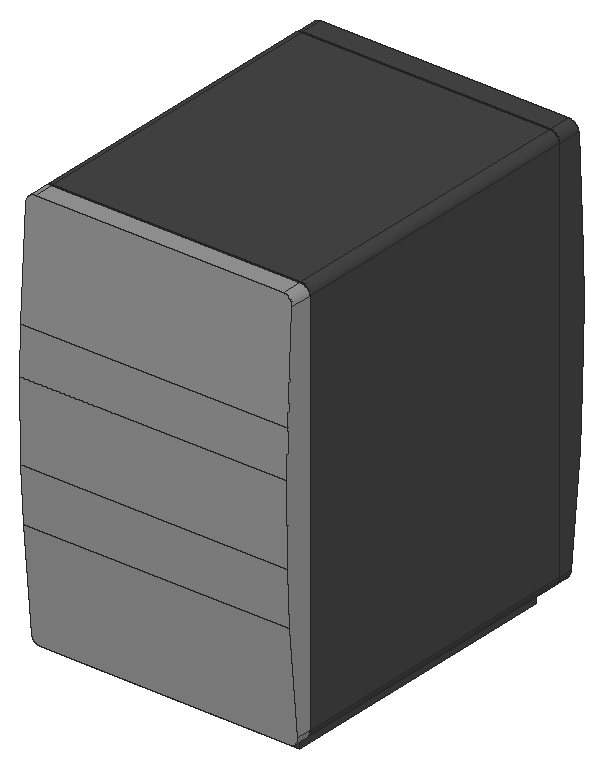
Revit family "Franke_Unterthekenkühleinheit_UT12_EC-A600_MS_EC_A600_FM_EC_A800_FM_EC", category Sonderausstattung, Revit 2015
Parameters (values of type "Unterthekenkühleinheit UT12 EC-A600 MS EC,A600 FM EC,A800 FM EC(230V/EU)")
  URL = "http://www.franke.com/main/de/cs/produkte/produktsuche/produktsuche.html#akCache=true&p=1&t=grid&f=cat14_3210"
  Tiefe = 475 mm
  Temperaturbereich = "+ 3° bis + 8°"
  Spannung = 230 V
  Sicherung = 10 A
  Netzfrequenz alternativ = 60 Hz
  Netzfrequenz = 50 Hz
  Modell = "410880 - Unterthekenkühleinheit UT12 EC - A600 MS EC, A600 FM EC, A800 FM EC"
  Milchvorrat = "12 l"
  Stromaufnahme = "0.72 A"
  Kosten = 0
  Höhe = 544 mm
  Hersteller = "Franke"
  Energieverlust nach DIN18873 = "0.783 kWh/24 h - 230 V"
  Breite = 340 mm
  Beschreibung = "Beistellgerät Unterthekenkühleinheit UT12 dient zum Aufbewahren von gekühlter Milch"
  Assembly Code = "Beistellgerät Unterthekenkühleinheit UT12"
  Keynote = "Beistellgerät Unterthekenkühleinheit UT12"
  Aufstellgewicht = "26 kg"
  Anzahl von Polen = 1
  Anzahl der Schutzleiter = "1"
  Anzahl der Nullleiter = "1"
Reference planes
  plane 1 "Mitte (Vorne/Hinten)": y = 0
  plane 2: z = 0
  plane 3 "Mitte (Links/Rechts)": x = 0
Forms (mm)
  Extrusion 1, solid, material "Franke Black"
    sketch origin (0, 0, -42) x (1, 0, 0) y (0, 0, 1)
      loop
        arc (-170, 78) -> (-166.485, 69.515) -> (-158, 66) r 12
        line (-158, 66) -> (158, 66)
        arc (158, 66) -> (166.485, 69.515) -> (170, 78) r 12
        line (170, 78) -> (170, 574)
        arc (170, 574) -> (166.485, 582.485) -> (158, 586) r 12
        line (158, 586) -> (-158, 586)
        arc (-158, 586) -> (-166.485, 582.485) -> (-170, 574) r 12
        line (-170, 574) -> (-170, 78)
    from -198.03 to 198.03
  Extrusion 2, solid, material "Franke Black"
    sketch origin (0, 0, -42) x (0, 1, 0) y (0, 0, 1)
      loop
        line (186.97, 66) -> (-188.03, 66) -> (-188.03, 46) -> (186.97, 46) -> (186.97, 66)
    from -149 to 149
  Extrusion 3, solid, material "Franke Black"
    sketch origin (0, 0, -42) x (1, 0, 0) y (0, 1, 0)
      loop
        line (-139, 119.911) -> (-139, 96.511) -> (-120.3, 96.511) -> (-120.3, 119.911) -> (-139, 119.911)
      loop
        line (120.3, 119.911) -> (120.3, 96.511) -> (139, 96.511) -> (139, 119.911) -> (120.3, 119.911)
      loop
        line (120.3, -95.689) -> (120.3, -119.089) -> (139, -119.089) -> (139, -95.689) -> (120.3, -95.689)
      loop
        line (-139, -95.689) -> (-139, -119.089) -> (-120.3, -119.089) -> (-120.3, -95.689) -> (-139, -95.689)
    from 42 to 46
  Extrusion 4, void
    sketch origin (0, 0, -42) x (1, 0, 0) y (0, 1, 0)
      loop
        circle (-127.5, 166.47) r 16
      loop
        circle (-127.5, -166.13) r 16
      loop
        circle (127.5, 166.47) r 16
      loop
        circle (127.5, -166.13) r 16
    from 16.904 to 51
  Extrusion 5, solid, material "Franke Anthrazit"
    sketch origin (0, 0, -42) x (0, 1, 0) y (0, 0, 1)
      loop
        line (-199.53, 586) -> (-226.03, 586)
        arc (-226.03, 586) -> (-230.938, 512.688) -> (-234.804, 439.314) r 5166.525
        arc (-234.804, 439.314) -> (-235.718, 409.388) -> (-235.736, 379.448) r 1000
        arc (-235.736, 379.448) -> (-234.928, 328.403) -> (-233.97, 277.36) r 17389.365
        arc (-233.97, 277.36) -> (-232.66, 242.583) -> (-230.141, 207.872) r 1000
        arc (-230.141, 207.872) -> (-223.415, 136.903) -> (-216.03, 66) r 7668.804
        line (-216.03, 66) -> (-199.53, 66) -> (-199.53, 586)
    from -170 to 170
  Extrusion 6, solid, material "Franke Black"
    sketch origin (0, 0, -42) x (0, 1, 0) y (0, 0, 1)
      loop
        line (228.03, 586) -> (199.53, 586) -> (199.53, 66) -> (216.03, 66)
        arc (216.03, 66) -> (223.625, 137.651) -> (230.787, 209.347) r 11934.303
        arc (230.787, 209.347) -> (233.53, 243.904) -> (235.074, 278.535) r 1000
        arc (235.074, 278.535) -> (236.278, 326.896) -> (237.256, 375.262) r 10374.963
        arc (237.256, 375.262) -> (237.334, 405.934) -> (236.472, 436.595) r 1000
        arc (236.472, 436.595) -> (232.736, 511.325) -> (228.03, 586) r 5764.394
    from -170 to 170
  Extrusion 7, solid, material "Franke Black"
    sketch origin (0, 0, -42) x (1, 0, 0) y (0, 0, 1)
      loop
        line (-120, 576) -> (-120, 66) -> (120, 66) -> (120, 576) -> (-120, 576)
    from 198.03 to 199.53
  Extrusion 8, solid, material "Franke Black"
    sketch origin (0, 397.56, -42) x (1, 0, 0) y (0, 0, 1)
      loop
        line (-120, 576) -> (-120, 66) -> (120, 66) -> (120, 576) -> (-120, 576)
    from 198.03 to 199.53
  Extrusion 9, void
    sketch origin (0, 0, -42) x (1, 0, 0) y (0, 0, 1)
      loop
        line (-158, 586) -> (-158, 596) -> (-180, 596) -> (-180, 574) -> (-170, 574)
        arc (-170, 574) -> (-166.485, 582.485) -> (-158, 586) r 12
      loop
        arc (158, 586) -> (166.485, 582.485) -> (170, 574) r 12
        line (170, 574) -> (180, 574) -> (180, 596) -> (158, 596) -> (158, 586)
      loop
        arc (-158, 66) -> (-166.485, 69.515) -> (-170, 78) r 12
        line (-170, 78) -> (-180, 78) -> (-180, 56) -> (-158, 56) -> (-158, 66)
      loop
        line (158, 66) -> (158, 56) -> (180, 56) -> (180, 78) -> (170, 78)
        arc (170, 78) -> (166.485, 69.515) -> (158, 66) r 12
    from -296.752 to 350.669
  Extrusion 10, solid
    sketch origin (0, 0, 0) x (1, 0, 0) y (0, 1, 0)
      loop
        circle (0, 140.802) r 2.5
    from 0 to 4
Cuts and joins
  Extrusion 4 cuts Extrusion 2
  Extrusion 9 cuts Extrusion 5
  Extrusion 9 cuts Extrusion 6
Dimensions and locks
  aligned and locked: level to plane 2
Connectors
  electrical at (0, 140.802, 0), driven by "Spannung", driven by "Anzahl von Polen"
    settings: on Extrusion 10, index 1, voltage 230 V, apparent load 0 VA, apparent load phase1 0 VA, apparent load phase2 0 VA, apparent load phase3 0 VA, power factor 1, load classification "Strom", number of poles 1, system type 31, power factor state 1, is connector primary yes, connector utility no, sub classification motor no, connector description ""
